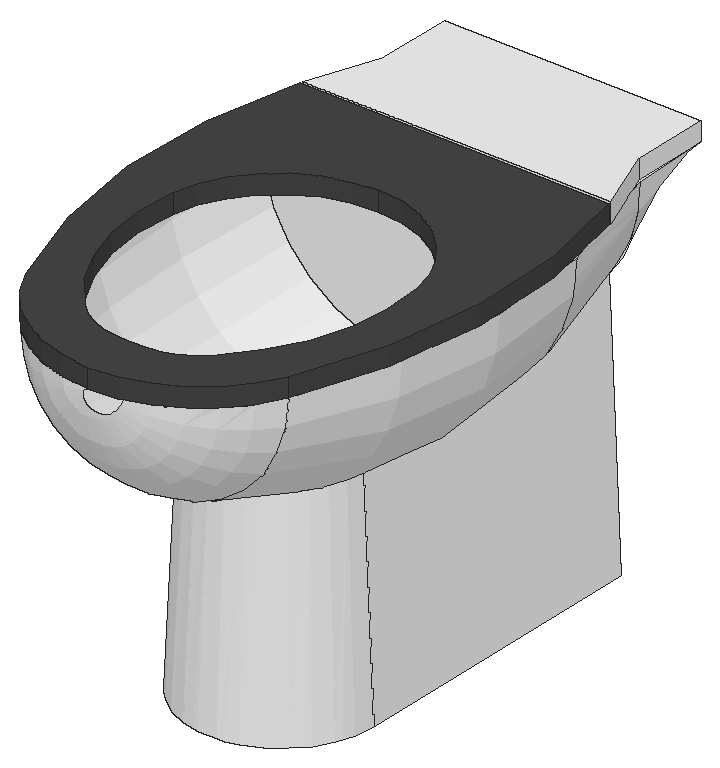
Revit family
Parameters (values of type "540 x 360mm")
  Material Seat = Plastic - Black
  Material SanitaryWare = Porcelain
  Manufacturer = "Revit"
  Assembly Code = ""
Reference planes
  plane 1 "Center (Front/Back)": y = 0
  plane 2: z = 0
  plane 3 "Center (Left/Right)": x = 0
Forms (mm)
  Revolve 1, solid, material "Porcelain" <- "Material SanitaryWare"
    sketch origin (0, -87.423, 390) x (1, 0, 0) y (0, 1, 0)
      loop
        arc (-174.247, -124.9) -> (-179.514, -290.639) -> (-135.875, -450.617) r 558.391
        arc (-135.875, -450.617) -> (-81.121, -515.376) -> (0, -540.098) r 150.021
        line (0, -540.098) -> (0, -520.097)
        arc (0, -520.097) -> (-70.198, -498.622) -> (-117.576, -442.547) r 130.021
        arc (-117.576, -442.547) -> (-159.862, -286.482) -> (-153.903, -124.9) r 538.391
        line (-153.903, -124.9) -> (-174.247, -124.9)
      axis (0, -540.098) -> (0, -124.9)
    angle from 0 to 180
  Extrusion 2, solid, material "Plastic - Black" <- "Material Seat"
    sketch origin (0, -87.423, 410) x (1, 0, 0) y (0, 1, 0)
      loop
        arc (-135.875, -450.617) -> (-81.121, -515.376) -> (0, -540.098) r 150.021
        arc (0, -540.098) -> (81.121, -515.376) -> (135.875, -450.617) r 150.021
        arc (135.875, -450.617) -> (182.253, -260.283) -> (160.035, -65.644) r 558.391
        line (160.035, -65.644) -> (-160.035, -65.644)
        arc (-160.035, -65.644) -> (-182.253, -260.283) -> (-135.875, -450.617) r 558.391
      loop
        arc (0, -164.798) -> (-83.195, -195.45) -> (-126.613, -272.753) r 128.221
        arc (-126.613, -272.753) -> (-119.024, -374.181) -> (-66.602, -461.341) r 219.88
        arc (-66.602, -461.341) -> (-36.05, -480.987) -> (0, -485.429) r 81.602
        arc (0, -485.429) -> (36.05, -480.987) -> (66.602, -461.341) r 81.602
        arc (66.602, -461.341) -> (119.024, -374.181) -> (126.613, -272.753) r 219.88
        arc (126.613, -272.753) -> (115.473, -237.275) -> (94.621, -206.485) r 128.221
        arc (94.621, -206.485) -> (51.698, -175.681) -> (0, -164.798) r 128.221
    from -20 to 0
  Blend 3, solid, material "Porcelain" <- "Material SanitaryWare"
    base sketch origin (0, -212.324, 390) x (0, 0, -1) y (-1, 0, 0)
      loop
        line (0, 174.247) -> (0, -174.247)
        arc (0, -174.247) -> (174.247, 0) -> (0, 174.247) r 174.247
    top sketch origin (0, -212.324, 390) x (0, 0, -1) y (-1, 0, 0)
      loop
        line (0, 135.875) -> (0, -135.875)
        spline (0, -135.875) -> (37.529, -131.246) -> (72.5, -117.672) -> (102.53, -96.078) -> (125.574, -67.938) -> (140.059, -35.167) -> (145, 0) -> (140.059, 35.167) -> (125.574, 67.938) -> (102.53, 96.078) -> (72.5, 117.672) -> (37.529, 131.246) -> (0, 135.875)
    from 0 to 129.257
  Sweep 4, solid, material "Porcelain" <- "Material SanitaryWare"
    path origin (0, -87.423, 0) x (1, 0, 0) y (0, 1, 0)
      loop
        line (-81.095, 30.427) -> (-81.095, -289.573)
        arc (-81.095, -289.573) -> (0, -370.668) -> (81.095, -289.573) r 81.095
        line (81.095, -289.573) -> (81.095, 30.427)
    profile origin (0, -216.996, 0) x (1, 0, 0) y (0, 0, 1)
      loop
        line (-95, 0) -> (-61.095, 0) -> (-61.095, 325.717) -> (-81.095, 325.717) -> (-95, 0)
  Blend 5, solid, material "Porcelain" <- "Material SanitaryWare"
    base sketch origin (0, -83.067, 390) x (0, 0, -1) y (-1, 0, 0)
      loop
        arc (0, -135.875) -> (143.585, 0) -> (0, 135.875) r 136.082
        line (0, 135.875) -> (0, -135.875)
    top sketch origin (0, -83.067, 390) x (0, 0, -1) y (-1, 0, 0)
      loop
        arc (0, -132.482) -> (58.66, 0) -> (0, 132.482) r 178.934
        line (0, 132.482) -> (0, -132.482)
    from 0 to 83.067
  Revolve 6, void
    sketch origin (0, -87.423, 390) x (1, 0, 0) y (0, 1, 0)
      loop
        arc (-133.932, 4.356) -> (-183.344, -222.923) -> (-135.875, -450.617) r 558.391
        arc (-135.875, -450.617) -> (-81.121, -515.376) -> (0, -540.098) r 150.021
        line (0, -540.098) -> (0, 4.356) -> (-133.932, 4.356)
      axis (0, -540.098) -> (0, 4.356)
    angle from 0 to 180
  Extrusion 7, solid, material "Porcelain" <- "Material SanitaryWare"
    sketch origin (0, 75.451, 0) x (1, 0, 0) y (0, 1, 0)
      loop
        arc (-132.482, -155.332) -> (-147.059, -190.166) -> (-159.249, -225.906) r 558.391
        line (-159.249, -225.906) -> (159.249, -225.906)
        arc (159.249, -225.906) -> (147.059, -190.166) -> (132.482, -155.332) r 558.391
        line (132.482, -155.332) -> (132.482, -75.451) -> (0, -75.451) -> (-132.482, -75.451) -> (-132.482, -155.332)
    from 390 to 410
Cuts and joins
  Revolve 6 cuts Sweep 4
  joined: Revolve 1, Blend 3, Sweep 4, Blend 5, Extrusion 7
Lines and regions (mm)
  symbolic lines
    curve 1: line (-30.78, -342.78, 0) -> (30.78, -342.78, 0)
    curve 2: line (30.78, -342.78, 0) -> (43.112, -355.112, 0)
    curve 3: arc (43.112, -355.112, 0) -> (56.291, -378.448, 0) -> (55.525, -405.238, 0) r 50
    curve 4: arc (55.525, -405.238, 0) -> (0.001, -446.188, 0) -> (-55.525, -405.242, 0) r 58.12
    curve 5: arc (-55.525, -405.242, 0) -> (-56.292, -378.45, 0) -> (-43.113, -355.112, 0) r 50
    curve 6: line (-43.113, -355.112, 0) -> (-30.78, -342.78, 0)
    curve 7: arc (-132.482, -79.881, 0) -> (-183.334, -308.596, 0) -> (-135.875, -538.04, 0) r 558.391
    curve 8: arc (-135.875, -538.04, 0) -> (-81.121, -602.799, 0) -> (0, -627.521, 0) r 150.021
    curve 9: arc (0, -627.521, 0) -> (81.121, -602.799, 0) -> (135.875, -538.04, 0) r 150.021
    curve 10: arc (135.875, -538.04, 0) -> (183.334, -308.596, 0) -> (132.482, -79.881, 0) r 558.391
    curve 11: arc (-66.602, -548.764, 0) -> (-119.024, -461.604, 0) -> (-126.613, -360.177, 0) r 219.88
    curve 12: arc (-126.613, -360.177, 0) -> (-83.195, -282.873, 0) -> (0, -252.221, 0) r 128.221
    curve 13: arc (0, -252.221, 0) -> (51.698, -263.104, 0) -> (94.621, -293.908, 0) r 128.221
    curve 14: arc (94.621, -293.908, 0) -> (115.473, -324.698, 0) -> (126.613, -360.177, 0) r 128.221
    curve 15: arc (126.613, -360.177, 0) -> (119.024, -461.604, 0) -> (66.602, -548.764, 0) r 219.88
    curve 16: arc (66.602, -548.764, 0) -> (36.05, -568.41, 0) -> (0, -572.852, 0) r 81.602
    curve 17: arc (0, -572.852, 0) -> (-36.05, -568.41, 0) -> (-66.602, -548.764, 0) r 81.602
    curve 18: line (-132.482, 0, 0) -> (-132.482, -79.881, 0)
    curve 19: line (132.482, -79.881, 0) -> (132.482, 0, 0)
    curve 20: line (132.482, 0, 0) -> (-132.482, 0, 0)
    curve 21: line (-159.249, -150.455, 0) -> (159.249, -150.455, 0)
Dimensions and locks
  aligned and locked: Extrusion 2 to Revolve 1
  aligned and locked: cut or joined group of Revolve 1, Blend 3, Sweep 4, Blend 5, Revolve 6, Extrusion 7 to Extrusion 7
  aligned and locked: Extrusion 7 to Extrusion 2
  aligned and locked: curve 18 to cut or joined group of Revolve 1, Blend 3, Sweep 4, Blend 5, Revolve 6, Extrusion 7
  aligned and locked: curve 19 to cut or joined group of Revolve 1, Blend 3, Sweep 4, Blend 5, Revolve 6, Extrusion 7
  aligned and locked: curve 20 to cut or joined group of Revolve 1, Blend 3, Sweep 4, Blend 5, Revolve 6, Extrusion 7
  aligned and locked: curve 21 to cut or joined group of Revolve 1, Blend 3, Sweep 4, Blend 5, Revolve 6, Extrusion 7
